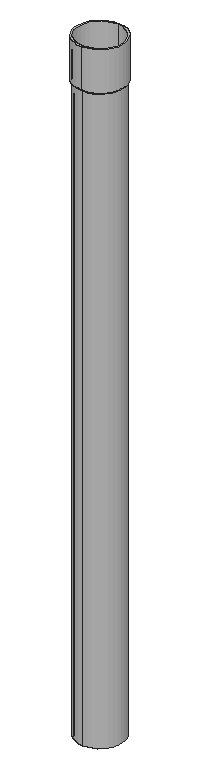
Revit family "PRD_AR_FlshCntrlDvcs_FlushPipeExtension_ACXF40031", category Specialty Equipment, Revit 2023
Family settings
  Round Connector Dimension = Use Diameter
  Part Type = Normal
  OmniClass Number = 23.45.05.14.99
  OmniClass Title = Other Sanitary Washing Plumbing Fixtures
  Work Plane-Based = No
  Enable Cutting in Views = No
  Always vertical = Yes
  Cut with Voids When Loaded = No
  Maintain Annotation Orientation = No
  Shared = No
  Room Calculation Point = No
Parameters (values of type "ACXF4003")
  WithOffset = "No"
  WarrantyStartDate [instance] = "1900-12-31T23:59:59"
  WarrantyGuarantorParts = "n/a"
  WarrantyGuarantorLabor = "n/a"
  WarrantyDurationUnit = "n/a"
  WarrantyDurationParts = "n/a"
  WarrantyDurationLabor = "n/a"
  WarrantyDescription = "n/a"
  Version = "1"
  Uniclass2015Version = "Products v1.36"
  Uniclass2015Title = "Flush control devices"
  Uniclass2015Code = "Pr_75_50_46_31"
  URL = "www.kwc-professional.com"
  TypeOfFlushingPipe = "Toilet flush pipe"
  Type IFC Predefined Type = "USERDEFINED"
  TemperatureRange = 0 °C
  TagNumber [instance] = "n/a"
  SustainabilityPerformance = "n/a"
  Status = "New"
  Size = "30"
  Shape = "n/a"
  SerialNumber [instance] = "n/a"
  Revision = "n/a"
  ReplacementCost = "n/a"
  Reference = "n/a"
  ProductInformation = "n/a"
  PressureRange = 0.0 Pa
  PressureClass = 0.0 Pa
  NominalWidth = 0 mm
  NominalHeight = 400 mm
  NominalDepth = 0 mm
  Name = "Flush pipe extension ACXF4003"
  NBSTypeID = "n/a"
  NBSReference = "90-15-35/470"
  NBSOfficeMasterTag = "n/a"
  NBSNote = "n/a"
  NBSDescription = "Flush control devices"
  NBSCertification = "n/a"
  ModelReference = "ACXF4003"
  ModelNumber = "3600003801"
  Model = ModelReference  # "ACXF4003"
  Material = "Plastic"
  ManufacturerURL = "www.kwc-professional.com"
  ManufacturerName = "KWC Group Management AG"
  Manufacturer = ManufacturerName  # "KWC Group Management AG"
  InstallationDate [instance] = "1900-12-31T23:59:59"
  IfcExportType = "USERDEFINED"
  IfcExportAs = "IfcPipeFittingType"
  Grade = "n/a"
  FittingLossFactor = 0
  Finish = "n/a"
  Features = "Dimension  Ø 28x1 x 400  mm."
  Export Type to IFC As = "IfcPipeFittingType"
  ExpectedLife = "n/a"
  DurationUnit = "n/a"
  Description = "Plastic flush pipe extension 28 x 1 x 400 mm."
  Default Elevation = 0 mm
  CreatedOn = "04/2025"  # constant formula
  Constituents = "n/a"
  Color = "n/a"
  CodePerformance = "n/a"
  Category = "Pr_75_50_46_31, Flush control devices"
  BodyMaterial = PRD_AR_PlasticMaterial
  BarCode [instance] = "n/a"
  BIMObjectName = "PRD_AR_FlushControlDevices_FlushPipeExtension_ACXF4003"
  Author = "Archispace"  # constant formula
  AssetType = "Fixed"
  AssetIdentifier [instance] = "n/a"
  AccessibilityPerformance = "n/a"
Reference planes
  plane 1 "Center (Front/Back)": y = 0
  plane 2: z = 0
  plane 3 "Center (Left/Right)": x = 0
  plane 4: z = 400
Dimensions and locks
  aligned and locked: level to plane 2
Nested families
  nested 1: "FlushPipeExtension" at (0, 0, 0), type "FlushPipeExtension"
Definition of nested family "FlushPipeExtension"
  Parameters (values of type "FlushPipeExtension")
    Material = none
    Default Elevation = 0 mm
  Reference planes
    plane 1 "Center (Front/Back)": y = 0
    plane 2: z = 0
    plane 3 "Center (Left/Right)": x = 0
    plane 4: z = 400
  Forms (mm)
    Revolve 1, solid, material <- "Material", detail levels fine
      sketch origin (0, 0, 0) x (0, 1, 0) y (0, 0, 1)
        loop
          line (14, 400) -> (14, 375.486) -> (13, 374.486) -> (13, 0) -> (14, 0) -> (14, 374.072) -> (15, 375.072) -> (15, 400) -> (14, 400)
        axis (0, 0) -> (0, 400)
      angle from 0 to 360
    Revolve 2, solid, material <- "Material", detail levels medium
      sketch origin (0, 0, 0) x (0, 1, 0) y (0, 0, 1)
        loop
          line (0, 400) -> (0, 0) -> (14, 0) -> (14, 375.072) -> (15, 375.072) -> (15, 400) -> (0, 400)
        axis (0, 400) -> (0, 0)
      angle from 0 to 360
    Extrusion 3, solid, material <- "Material", detail levels coarse
      sketch origin (0, 0, 0) x (1, 0, 0) y (0, 1, 0)
        loop
          circle (0, 0) r 15
      from 0 to 400
  Dimensions and locks
    aligned and locked: level to plane 2
